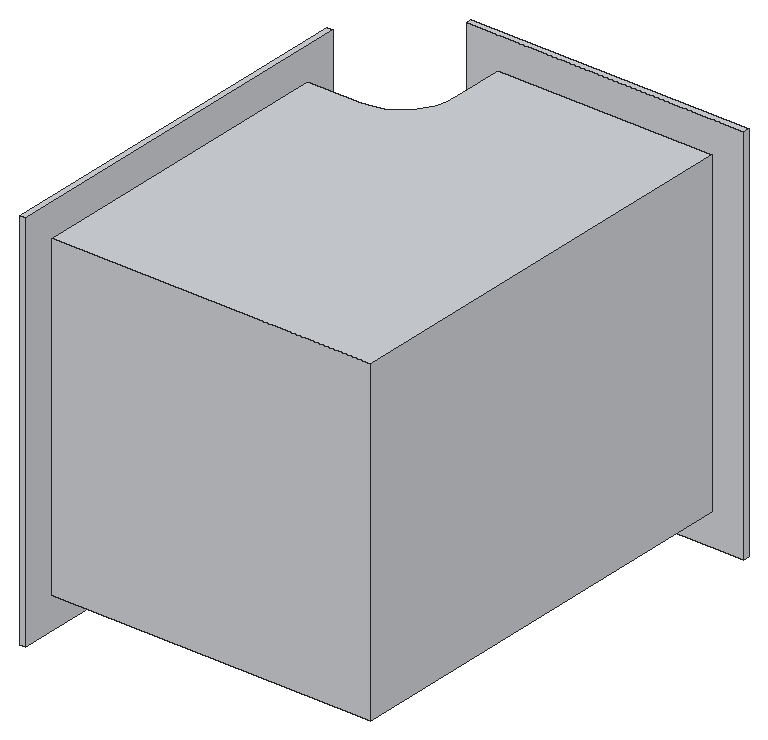
Revit family "RE Winkel asymmetrisch mit Radius WA - Flansch", category Luftkanalformteile, Revit 2014
Parameters (values of type "Allgemein")
  r1 [instance] = if(r = 0 mm, 0.9222 * Max. abcd - 82.8 mm, r)  # 50 mm
  r [instance] = 50 mm
  f1 [instance] = if(f = 0 mm, if(0.9222 * Max. cd - 82.8 mm < r1 * tan(alpha / 2), r1 * tan(alpha / 2), 0.9222 * Max. cd - 82.8 mm), if(f < r1 * tan(alpha / 2), r1 * tan(alpha / 2), f))  # 100 mm
  f [instance] = 100 mm
  e1 [instance] = if(e = 0 mm, if(0.9222 * Max. ab - 82.8 mm < r1 * tan(alpha / 2), r1 * tan(alpha / 2), 0.9222 * Max. ab - 82.8 mm), if(e < r1 * tan(alpha / 2), r1 * tan(alpha / 2), e))  # 100 mm
  e [instance] = 100 mm
  d [instance] = 200 mm
  c [instance] = a  # 300 mm
  b [instance] = 300 mm
  alpha 2 [instance] = if(alpha = 90.00°, 90.00°, acos(d / (b / sin(alpha 1))))  # 90.00°
  alpha 1 [instance] = if(alpha = 90.00°, 90.00°, atan(b * 0.5 / Länge 1))  # 90.00°
  alpha [instance] = 90.00°
  a [instance] = 300 mm
  RLT_DIN_r [instance] = r  # 50 mm
  RLT_DIN_f [instance] = f  # 100 mm
  RLT_DIN_e [instance] = e  # 100 mm
  RLT_DIN_d [instance] = d  # 200 mm
  RLT_DIN_c [instance] = c  # 300 mm
  RLT_DIN_b [instance] = b  # 300 mm
  RLT_DIN_alpha [instance] = alpha  # 90.00°
  RLT_DIN_a [instance] = a  # 300 mm
  RLT_DIN_KZ = "WA"
  Max. cd [instance] = if(d > c, d, c)  # 300 mm
  Max. abcd [instance] = if(Max. ab > Max. cd, Max. ab, Max. cd)  # 300 mm
  Max. ab [instance] = if(a > b, a, b)  # 300 mm
  Länge 6 [instance] = b / 2 + r1  # 200 mm
  Länge 5 [instance] = if(alpha = 90.00°, -d / 2 + 5000 mm, b / (2 * tan(alpha)) - d / (2 * sin(alpha)) + 5000 mm)  # 4900 mm
  Länge 4 [instance] = (b - d) / 2  # 50 mm
  Länge 3 [instance] = r1 * tan(alpha / 2)  # 50 mm
  Länge 2 [instance] = if(alpha = 90.00°, b * 0.5 + e1, d * 0.5 * tan(alpha 2) + e1)  # 250 mm
  Länge 1 [instance] = if(abs((b * cos(alpha) - d) / (2 * sin(alpha))) = 0 mm, 10 mm, abs((b * cos(alpha) - d) / (2 * sin(alpha))))  # 100 mm
  Flansch d [instance] = d + 2 * Flanschverlängerung  # 260 mm
  Flansch c [instance] = c + 2 * Flanschverlängerung  # 360 mm
  Flansch b [instance] = b + 2 * Flanschverlängerung  # 360 mm
  Flansch a [instance] = a + 2 * Flanschverlängerung  # 360 mm
  Flanschstärke [instance] = 5 mm
  Flanschverlängerung [instance] = 30 mm
  Assembly Code = ""
Reference planes
  plane 1 "Mitte (Vorne/Hinten)": y = 0
  plane 2: z = 0
  plane 3 "Mitte (Links/Rechts)": x = 0
  plane 4: x = -100
  plane 5: x = -200
  plane 6: z = 150
  plane 7: z = -150
  plane 8: x = -205
  plane 9: y = 180
  plane 10: y = -180
  plane 11: x = -5000
  plane 12: x = -100
  plane 13: x = -150
  plane 14: y = 150
  plane 15: y = -150
  plane 16: y = 200
  plane 17: y = -3150
Forms (mm)
  Sweep 1, solid, detail levels medium+fine
    path origin (0, 0, 0) x (0, 1, 0) y (-1, 0, 0)
      loop
        line (250, 0) -> (150, 0)
    profile "Luftkanal - rechteckig : Luftkanal - rechteckig 2" origin (0, 200, 0) x (1, 0, 0) y (0, 0, 1)
      loop
        line (-100, 150) -> (-100, -150) -> (100, -150) -> (100, 150) -> (-100, 150)
  Sweep 2, solid, detail levels medium+fine
    path in 3D
      loop
        line (0, 255, 0) -> (0, 250, 0)
    profile "Luftkanal - rechteckig : Luftkanal - rechteckig 2" origin (0, 252.5, 0) x (1, 0, 0) y (0, 0, 1)
      loop
        line (-100, 150) -> (-100, -150) -> (100, -150) -> (100, 150) -> (-100, 150)
  Sweep 3, solid, detail levels fine
    path in 3D
      loop
        line (0, 255, 0) -> (0, 250, 0)
    profile "Luftkanal - rechteckig : Luftkanal - Flansch 2" origin (0, 252.5, 0) x (1, 0, 0) y (0, 0, 1)
      loop
        line (-130, 180) -> (-130, -180) -> (130, -180) -> (130, 180) -> (-130, 180)
  Extrusion 4, solid, detail levels medium+fine
    sketch origin (0, 0, 0) x (1, 0, 0) y (0, 1, 0)
      loop
        line (-100, 255) -> (-100, 150) -> (-205, 150) -> (-205, -150) -> (100, -150) -> (100, 255) -> (-100, 255)
    from -150 to 150
  SweptBlend 5, solid, detail levels medium+fine
    path in 3D
      loop
        arc (-150, 0, 0) -> (-8.579, 58.579, 0) -> (50, 200, 0) r 200
    profile "Luftkanal - rechteckig : Luftkanal - rechteckig 1" origin (-150, 0, 0) x (0, 1, 0) y (0, 0, 1)
      loop
        line (-150, 150) -> (-150, -150) -> (150, -150) -> (150, 150) -> (-150, 150)
    end profile "Luftkanal - rechteckig : Luftkanal - rechteckig 2" origin (50, 200, 0) x (-1, 0, 0) y (0, 0, 1)
      loop
        line (-50, 150) -> (-50, -150) -> (150, -150) -> (150, 150) -> (-50, 150)
  Extrusion 6, void
    sketch origin (0, 0, 0) x (0, 1, 0) y (-1, 0, 0)
      loop
        line (-150, 200) -> (-3150, 200) -> (-3150, -3100) -> (250, -3100) -> (250, -100) -> (-150, -100) -> (-150, 200)
    from -150 to 150
  Sweep 7, solid, detail levels fine
    path origin (0, 0, 0) x (0, 1, 0) y (-1, 0, 0)
      loop
        line (0, 205) -> (0, 200)
    profile "Luftkanal - rechteckig : Luftkanal - Flansch 1" origin (-202.5, 0, 0) x (0, 1, 0) y (0, 0, 1)
      loop
        line (-180, 180) -> (-180, -180) -> (180, -180) -> (180, 180) -> (-180, 180)
Cuts and joins
  Extrusion 6 cuts SweptBlend 5
  joined: Sweep 1, Sweep 2, Extrusion 4, SweptBlend 5
Lines and regions (mm)
  reference lines
    curve 1: line (0, 0, 0) -> (0, 459.23, 0)
    curve 2: line (-100, 0, 0) -> (0, 0, 0)
    curve 3: line (-242.433, 150, 0) -> (1045.144, 150, 0)
    curve 4: line (-242.433, -150, 0) -> (885.144, -150, 0)
    curve 5: line (-100, 477.398, 0) -> (-100, -322.602, 0)
    curve 6: line (100, 477.398, 0) -> (100, -322.602, 0)
    curve 7: line (0, 0, 0) -> (980, 0, 0)
    curve 8: line (-511.337, 250, 0) -> (980, 250, 0)
    curve 9: line (-511.337, 150, 0) -> (468.663, 150, 0)
    curve 13: line (-236.363, 255, 0) -> (253.637, 255, 0)
    curve 18: line (-130, 477.398, 0) -> (-130, 283.538, 0)
    curve 19: line (130, 477.398, 0) -> (130, 377.398, 0)
    curve 21: arc (-150, 0, 0) -> (-8.579, 58.579, 0) -> (50, 200, 0) r 200
    curve 23: line (3100, 760.502, 0) -> (3100, 240.502, 0)
  model lines, detail levels coarse
    curve 10: line (-200, 0, 0) -> (0, 0, 0)
    curve 11: line (0, 0, 0) -> (0, 250, 0)
    curve 12: line (-205, 0, 0) -> (-200, 0, 0)
    curve 14: line (0, 255, 0) -> (0, 250, 0)
    curve 17: line (-205, 180, 0) -> (-205, -180, 0)
    curve 20: line (-130, 255, 0) -> (130, 255, 0)
  sketch lines
    curve 15: line (0, 255, 0) -> (0, 250, 0)
    curve 16: line (0, 255, 0) -> (0, 250, 0)
    curve 22: arc (-150, 0, 0) -> (-8.579, 58.579, 0) -> (50, 200, 0) r 200
Dimensions and locks
  equal spacing: curve 4, curve 2, curve 3
  "b": curve 4 to curve 3
  "Länge 1": plane 4 to plane 3 "Mitte (Links/Rechts)"
  "f1": plane 5 to plane 4
  "Länge 2": curve 7 to curve 8
  equal spacing: curve 5, curve 1, curve 6
  "d": curve 5 to curve 6
  equal spacing: plane 6, plane 2, plane 7
  "a": plane 6 to plane 7
  "e1": curve 9 to curve 8
  "Flanschstärke": plane 8 to plane 5
  "Flanschstärke": curve 8 to curve 13
  equal spacing: plane 10, plane 1 "Mitte (Vorne/Hinten)", plane 9
  "Flansch b": plane 10 to plane 9
  equal spacing: curve 18, curve 1, curve 19
  "Flansch d": curve 18 to curve 19
  locked: plane 11 to plane 3 "Mitte (Links/Rechts)" at 5000
  "Länge 5": plane 11 to plane 12
  "Länge 3": plane 13 to plane 12
  equal spacing: plane 15, plane 1 "Mitte (Vorne/Hinten)", plane 14
  "b": plane 15 to plane 14
  "r1": plane 14 to plane 16
  locked: curve 6 to curve 23 at 3000
  locked: plane 15 to plane 17 at 3000
  "Länge 6": radius of curve 21
  "alpha": angle plane 1 "Mitte (Vorne/Hinten)" to curve 1
  "alpha": angle plane 1 "Mitte (Vorne/Hinten)" to curve 5
  "alpha": angle plane 1 "Mitte (Vorne/Hinten)" to curve 6
  locked: curve 7 to curve 1 (angle 90.00°)
  locked: curve 1 to curve 8 (angle 90.00°)
  "alpha": angle plane 3 "Mitte (Links/Rechts)" to curve 9
  "alpha": angle plane 3 "Mitte (Links/Rechts)" to curve 13
  "alpha": angle curve 21 to curve 21
  locked: curve 23 to curve 7 (angle 90.00°)
  aligned and locked: level to plane 2
  aligned and locked: plane 1 "Mitte (Vorne/Hinten)" to curve 1
  aligned and locked: plane 3 "Mitte (Links/Rechts)" to curve 2
  aligned and locked: plane 1 "Mitte (Vorne/Hinten)" to curve 2
  aligned and locked: plane 4 to curve 2
  aligned and locked: plane 1 "Mitte (Vorne/Hinten)" to curve 7
  aligned and locked: plane 3 "Mitte (Links/Rechts)" to curve 7
  aligned and locked: curve 8 to Sweep 1 sketch curve
  aligned and locked: curve 9 to Sweep 1 sketch curve
  aligned and locked: Sweep 1 sketch curve to curve 1
  aligned and locked: plane 1 "Mitte (Vorne/Hinten)" to curve 10
  aligned and locked: plane 3 "Mitte (Links/Rechts)" to curve 10
  aligned and locked: plane 5 to curve 10
  aligned and locked: curve 11 to curve 1
  aligned and locked: plane 1 "Mitte (Vorne/Hinten)" to curve 11
  aligned and locked: plane 8 to curve 12
  aligned and locked: plane 5 to curve 12
  aligned and locked: curve 13 to curve 14
  aligned and locked: curve 8 to curve 14
  aligned and locked: curve 14 to curve 1
  aligned and locked: plane 9 to curve 17
  aligned and locked: plane 10 to curve 17
  aligned and locked: curve 17 to plane 8
  aligned and locked: curve 19 to curve 20
  aligned and locked: curve 18 to curve 20
  aligned and locked: curve 13 to curve 20
  aligned and locked: curve 6 to Extrusion 4 sketch curve  (x2)
  aligned and locked: curve 4 to Extrusion 4 sketch curve  (x2)
  aligned and locked: plane 6 to Extrusion 4
  aligned and locked: plane 7 to Extrusion 4
  aligned and locked: curve 13 to Extrusion 4 sketch curve  (x2)
  aligned and locked: plane 8 to Extrusion 4 sketch curve  (x2)
  aligned and locked: curve 3 to Extrusion 4 sketch curve  (x2)
  aligned and locked: curve 5 to Extrusion 4 sketch curve  (x2)
  aligned and locked: curve 21 to plane 13  (x2)
  aligned and locked: plane 16 to curve 21
  aligned and locked: Extrusion 6 sketch curve to plane 5  (x2)
  aligned and locked: Extrusion 6 sketch curve to plane 15
  aligned and locked: plane 17 to Extrusion 6 sketch curve
  aligned and locked: curve 6 to Extrusion 6 sketch curve  (x2)
  aligned and locked: curve 4 to Extrusion 6 sketch curve
  aligned and locked: curve 8 to Extrusion 6 sketch curve  (x2)
  aligned and locked: curve 23 to Extrusion 6 sketch curve  (x2)
  aligned and locked: Extrusion 6 sketch curve to plane 17
  aligned and locked: Extrusion 6 to plane 6
  aligned and locked: plane 7 to Extrusion 6
  aligned and locked: plane 8 to Sweep 7 sketch curve
  aligned and locked: plane 5 to Sweep 7 sketch curve
  aligned and locked: plane 1 "Mitte (Vorne/Hinten)" to Sweep 7 sketch curve
Automatic sketch dimensions
  curve 12 to curve 1 = 0 mm
  curve 1 to plane 3 "Mitte (Links/Rechts)" = 0 mm
  curve 4 to curve 2 = 142.433 mm
  curve 3 to curve 2 = 142.433 mm
  curve 2 to curve 4 = 885.144 mm
  curve 4 to curve 3 = 160 mm
  curve 6 to curve 1 = 322.602 mm
  curve 5 to curve 6 = 0 mm
  curve 23 to curve 1 = 218.729 mm
  curve 13 to curve 18 = 28.538 mm
  curve 19 to curve 1 = 81.832 mm
  curve 1 to curve 19 = 18.168 mm
  curve 1 to curve 18 = 18.168 mm
  curve 8 to curve 1 = 980 mm
  curve 9 to curve 1 = 468.663 mm
  curve 13 to curve 19 = 123.637 mm
Connectors
  hvac at (-205, 0, 0), driven by "alpha", driven by "a", driven by "b"
    settings: on Sweep 7, index 1, duct flow 0.0 L/s, flow factor 0, pres drop 0.0 Pa, loss coef 0, conn angle 90.00°, conn width 300 mm, conn height 300 mm, conn diameter 609.6 mm, duct sys type 28, conn prof type 1, flow config 0, flow direction 0, loss method 0, conn ref index 2, conn util no, is conn primary yes, conn desc ""
  hvac at (0, 255, 0), driven by "alpha", driven by "c", driven by "d"
    settings: on Sweep 3, index 2, duct flow 0.0 L/s, flow factor 0, pres drop 0.0 Pa, loss coef 0, conn angle 90.00°, conn width 200 mm, conn height 300 mm, conn diameter 609.6 mm, duct sys type 28, conn prof type 1, flow config 0, flow direction 0, loss method 0, conn ref index 1, conn util no, is conn primary no, conn desc ""
